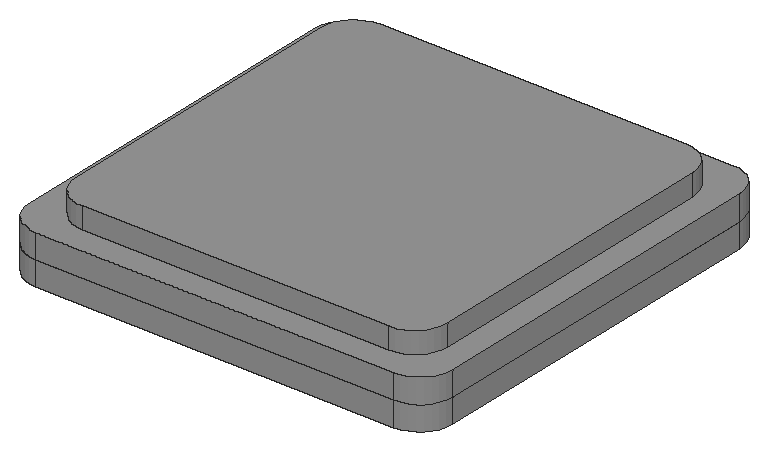
Revit family "FMS2_63_UN_Surface-mounted_ETK", category Lighting Fixtures, Revit 2019 (continued)
Definition of nested family "FMS.2 - Lightsource"
  Types (14, lengths in mm): name | Wattage Comments | Wattage | built-in parameter 1150134 | Photometric Web File | built-in parameter 1150142 | built-in parameter 1150105 | Lumens | built-in parameter 1150107 | built-in parameter 1150106 | Apparent Load
      67.599\r\n64.4551\t61.3241\t58.206\t53.8559\t47.3886\t40.9212\t34.4668\t27.9994\t21.5449\t15.0776\r\n8.6193\t2.1596\t0\t0\t0\t0\t0\t0\t0\t0\r\n0\r\n473.6291\t473.2442\t472.8592\t472.4742\t472.0893\t471.7043\t471.3194\t470.9344\t470.5494\t470.1645\r\n469.6512\t469.1379\t468.6246\t468.1114\t467.5981\t466.9565\t466.4432\t465.8016\t465.2883\t464.6467\r\n464.0051\t463.3635\t462.7219\t462.0803\t461.4387\t460.1555\t458.6157\t457.0758\t455.4077\t453.7395\r\n452.1997\t450.5315\t448.8634\t447.1952\t445.527\t443.8589\t442.1907\t440.3942\t438.7261\t436.9296\r\n435.1331\t433.3366\t431.5402\t429.872\t428.0755\t426.279\t424.4826\t422.6861\t420.7613\t418.1949\r\n415.6285\t412.9338\t410.3674\t407.801\t405.2346\t402.6682\t399.9734\t397.407\t394.8406\t392.2742\r\n389.7078\t387.1414\t384.4467\t381.8803\t379.3139\t376.7475\t374.0528\t371.4864\t368.92\t366.3536\r\n363.6589\t360.7075\t357.4995\t354.4198\t351.2118\t348.0038\t344.7958\t341.5878\t338.3798\t335.3002\r\n332.0922\t329.0125\t325.8045\t322.7248\t319.5168\t316.4371\t313.3574\t310.1494\t307.0698\t303.8618\r\n300.6538\t297.5741\t294.2378\t290.7731\t287.4368\t283.9722\t280.6358\t277.1712\t273.8349\t270.3702\r\n266.9056\t263.5693\t260.1046\t256.7683\t253.3037\t249.9674\t246.631\t243.2947\t239.9584\t236.6221\r\n233.2858\t229.9494\t226.3565\t222.7635\t219.2989\t215.7059\t212.113\t208.6483\t205.0554\t201.5907\r\n197.9978\t194.5331\t191.0685\t187.4755\t184.0109\t180.5462\t176.9533\t173.4886\t170.024\t166.5594\r\n163.0947\t159.6301\t156.1654\t152.7008\t149.2362\t145.7715\t142.3069\t138.8422\t135.3776\t131.913\r\n128.4483\t125.0735\t121.6602\t118.2469\t114.8336\t111.4331\t108.0326\t104.6963\t101.5396\t98.3958\r\n95.2648\t92.1338\t89.0156\t85.8846\t82.7792\t79.6611\t76.5557\t73.4504\t70.3579\t67.2653\r\n64.1728\t61.0932\t58.0135\t54.9338\t50.3784\t43.9239\t37.4566\t31.0021\t24.5476\t18.0931\r\n11.6309\t5.1751\t0\t0\t0\t0\t0\t0\t0\t0\r\n0\r\n473.6291\t473.3725\t472.9875\t472.6026\t472.2176\t471.8326\t471.4477\t470.9344\t470.5494\t470.1645\r\n469.6512\t469.1379\t468.4963\t467.983\t467.3414\t466.8282\t466.1866\t465.545\t464.9034\t464.2618\r\n463.6202\t462.9786\t462.337\t461.567\t460.7971\t460.0272\t459.129\t457.4608\t455.7926\t454.1245\r\n452.4563\t450.9165\t449.12\t447.3235\t445.6554\t443.8589\t442.0624\t440.2659\t438.4694\t436.673\r\n434.8765\t433.08\t431.1552\t429.1021\t427.1773\t425.2525\t423.3277\t421.4029\t419.3498\t417.425\r\n415.3718\t413.3187\t410.7523\t408.0576\t405.4912\t402.7965\t400.1018\t397.407\t394.7123\t392.0176\r\n389.3229\t386.6282\t383.9334\t381.2387\t378.6723\t375.9776\t373.1546\t370.4598\t367.7651\t365.0704\r\n362.3757\t359.681\t356.9862\t354.1632\t351.4685\t348.2605\t345.0525\t341.8445\t338.6365\t335.4285\r\n332.2205\t328.8842\t325.6762\t322.4682\t319.2602\t315.9238\t312.7158\t309.5078\t306.1715\t302.9635\r\n299.7555\t296.5475\t293.3395\t290.2598\t287.1802\t283.9722\t280.5075\t277.0429\t273.5782\t270.1136\r\n266.5206\t263.056\t259.5914\t256.255\t252.7904\t249.4541\t245.9894\t242.5248\t239.1885\t235.8522\r\n232.3875\t229.0512\t225.7149\t222.3786\t219.1706\t215.7059\t212.113\t208.52\t204.927\t201.3341\r\n197.7411\t194.1482\t190.5552\t187.0906\t183.4976\t180.033\t176.5683\t172.9754\t169.5107\t166.0461\r\n162.5814\t159.1168\t155.6522\t152.1875\t148.7229\t145.2582\t141.7936\t138.329\t134.8643\t131.3997\r\n127.9607\t124.5474\t121.1341\t117.7336\t114.3331\t110.9583\t107.5835\t104.2215\t100.8595\t97.5489\r\n94.4435\t91.3382\t88.2585\t85.1788\t82.0991\t79.0323\t75.9783\t72.9243\t69.8702\t66.8291\r\n63.7879\t60.7595\t57.7312\t54.7156\t51.7001\t47.3501\t40.8956\t34.4283\t27.9738\t21.5064\r\n15.0519\t8.5974\t2.1404\t0\t0\t0\t0\t0\t0\t0\r\n0\r\n473.6291\t473.3725\t472.9875\t472.6026\t472.2176\t471.8326\t471.4477\t471.0627\t470.6778\t470.1645\r\n469.5229\t469.0096\t468.4963\t467.8547\t467.3414\t466.6998\t466.0582\t465.4166\t464.6467\t464.0051\r\n463.2352\t462.4653\t461.6954\t460.9254\t460.0272\t459.129\t458.2307\t457.3325\t456.4342\t454.7661\r\n452.9696\t451.1731\t449.3766\t447.5802\t445.7837\t443.9872\t442.1907\t440.3942\t438.4694\t436.4163\r\n434.4915\t432.4384\t430.5136\t428.4605\t426.5357\t424.4826\t422.4294\t420.5046\t418.4515\t416.3984\r\n414.217\t412.1638\t409.9824\t407.801\t405.6195\t403.0531\t400.3584\t397.6637\t394.8406\t392.1459\r\n389.4512\t386.7565\t383.8051\t380.9821\t378.159\t375.336\t372.513\t369.6899\t366.9952\t364.1722\r\n361.4774\t358.6544\t355.8314\t353.0083\t350.1853\t347.3622\t344.5392\t341.7162\t338.8931\t335.8134\r\n332.4771\t329.1408\t325.8045\t322.4682\t319.1318\t315.7955\t312.4592\t309.1229\t305.7866\t302.5786\r\n299.2422\t295.9059\t292.6979\t289.3616\t286.1536\t282.8173\t279.6093\t276.273\t273.065\t269.7286\r\n266.3923\t262.9277\t259.3347\t255.8701\t252.4054\t248.9408\t245.4762\t242.0115\t238.6752\t235.2106\r\n231.7459\t228.2813\t224.8166\t221.352\t218.0157\t214.551\t211.2147\t207.8784\t204.5421\t201.0774\r\n197.4845\t194.0198\t190.2986\t186.7056\t183.1126\t179.648\t176.055\t172.4621\t168.8691\t165.4045\r\n161.8115\t158.3469\t154.8822\t151.4176\t147.953\t144.4883\t141.152\t137.6874\t134.2227\t130.7581\r\n127.3319\t123.9315\t120.531\t117.1433\t113.7428\t110.3552\t106.9932\t103.6184\t100.2692\t96.9201\r\n93.5838\t90.2603\t87.1678\t84.1394\t81.1111\t78.0956\t75.0929\t72.0902\t69.1132\t66.149\r\n63.1976\t60.2462\t57.3077\t54.3692\t51.4435\t48.5306\t44.8478\t38.3677\t31.8747\t25.3945\r\n18.9144\t12.4393\t5.9605\t0\t0\t0\t0\t0\t0\t0\r\n0\r\n473.6291\t473.3725\t472.9875\t472.6026\t472.3459\t471.961\t471.576\t471.0627\t470.6778\t470.1645\r\n469.5229\t469.0096\t468.368\t467.8547\t467.2131\t466.5715\t465.9299\t465.16\t464.5184\t463.7485\r\n462.8502\t462.0803\t461.1821\t460.1555\t459.2573\t458.359\t457.4608\t456.4342\t455.4077\t454.2528\r\n453.0979\t451.8147\t450.0182\t448.2218\t446.4253\t444.5005\t442.4474\t440.3942\t438.4694\t436.4163\r\n434.4915\t432.4384\t430.3853\t428.3322\t426.279\t424.2259\t422.0445\t419.863\t417.6816\t415.3718\r\n413.1904\t411.009\t408.6992\t406.5178\t404.208\t402.0266\t399.8451\t397.407\t394.969\t392.6592\r\n389.7078\t386.8848\t383.9334\t381.1104\t378.2874\t375.336\t372.513\t369.5616\t366.6102\t363.6589\r\n360.7075\t357.7562\t354.8048\t351.9818\t349.0304\t346.2074\t343.256\t340.1763\t337.225\t334.2736\r\n331.4506\t328.4992\t325.5478\t322.5965\t319.6451\t316.1805\t312.7158\t309.3795\t305.9149\t302.4502\r\n299.1139\t295.6493\t292.1846\t288.8483\t285.3837\t282.0474\t278.8394\t275.503\t272.0384\t268.7021\r\n265.3658\t262.0294\t258.8214\t255.4851\t252.1488\t248.8125\t245.2195\t241.6266\t238.1619\t234.6973\r\n231.1043\t227.6397\t224.0467\t220.5821\t217.1174\t213.6528\t210.1882\t206.8518\t203.3872\t200.0509\r\n196.5862\t193.2499\t189.9136\t186.5773\t182.9843\t179.3914\t175.7984\t172.0771\t168.4842\t164.8912\r\n161.2982\t157.8336\t154.2406\t150.776\t147.183\t143.7184\t140.2538\t136.7891\t133.3245\t129.9882\r\n126.5364\t123.1102\t119.7097\t116.3221\t112.9473\t109.5724\t106.2233\t102.8741\t99.5378\t96.2143\r\n92.9165\t89.6187\t86.3465\t83.1\t79.9562\t77.0177\t74.092\t71.1791\t68.2791\t65.379\r\n62.4918\t59.6175\t56.7559\t53.8944\t51.0457\t48.2098\t45.3868\t42.5637\t36.2889\t29.7574\r\n23.2388\t16.7201\t10.1937\t3.67\t0\t0\t0\t0\t0\t0\r\n0\r\n473.6291\t473.3725\t472.9875\t472.7309\t472.3459\t471.961\t471.576\t471.191\t470.6778\t470.1645\r\n469.6512\t469.0096\t468.4963\t467.8547\t467.2131\t466.5715\t465.8016\t465.0317\t464.2618\t463.4918\r\n462.5936\t461.567\t460.6688\t459.6422\t458.744\t457.7174\t456.6909\t455.536\t454.3811\t453.0979\r\n451.943\t450.7882\t449.6333\t448.2218\t446.8102\t444.8854\t442.9606\t440.9075\t438.9827\t437.0579\r\n434.8765\t432.8234\t430.6419\t428.4605\t426.279\t424.0976\t421.9162\t419.6064\t417.2966\t414.9869\r\n412.6771\t410.3674\t408.0576\t405.7478\t403.3098\t400.8717\t398.4336\t395.9955\t393.4291\t390.991\r\n388.553\t386.1149\t383.6768\t381.1104\t378.4157\t375.721\t372.7696\t369.6899\t366.7386\t363.7872\r\n360.8358\t357.7562\t354.5482\t351.4685\t348.5171\t345.4374\t342.3578\t339.2781\t336.1984\t333.1187\r\n330.039\t326.9594\t323.8797\t320.8\t317.7203\t314.6406\t311.561\t308.6096\t305.5299\t302.4502\r\n299.3706\t296.0342\t292.4413\t289.105\t285.6403\t282.1757\t278.711\t275.1181\t271.6534\t268.1888\r\n264.7242\t261.2595\t257.7949\t254.4586\t250.9939\t247.5293\t244.193\t240.8566\t237.392\t234.0557\r\n230.7194\t227.383\t223.9184\t220.3254\t216.7325\t213.1395\t209.5466\t206.0819\t202.6173\t199.1526\r\n195.5597\t192.2234\t188.7587\t185.2941\t181.8294\t178.3648\t174.9002\t171.5638\t168.2275\t164.7629\r\n161.1699\t157.577\t153.984\t150.391\t146.7981\t143.3334\t139.7405\t136.2758\t132.6829\t129.2182\r\n125.8049\t122.3916\t119.004\t115.6163\t112.2287\t108.8539\t105.5047\t102.1684\t98.8706\t95.5856\r\n92.3262\t89.0797\t85.8461\t82.6381\t79.4301\t76.2606\t73.0911\t70.1269\t67.291\t64.468\r\n61.6578\t58.8604\t56.0758\t53.3041\t50.5581\t47.812\t45.066\t42.3456\t39.6252\t34.7619\r\n28.1534\t21.5321\t14.9236\t8.301\t1.6836\t0\t0\t0\t0\t0\r\n0\r\n473.6291\t473.3725\t473.1158\t472.7309\t472.4742\t472.0893\t471.7043\t471.3194\t470.8061\t470.1645\r\n469.6512\t469.1379\t468.4963\t467.8547\t467.2131\t466.4432\t465.8016\t464.9034\t464.1334\t463.2352\r\n462.2086\t461.3104\t460.2838\t459.3856\t458.2307\t457.2042\t456.0493\t454.7661\t453.4829\t452.328\r\n451.1731\t449.7616\t448.2218\t446.8102\t445.3987\t443.9872\t442.5757\t441.1642\t439.496\t437.8278\r\n435.6464\t433.465\t431.2835\t429.1021\t426.9206\t424.4826\t422.1728\t419.7347\t417.425\t415.1152\r\n412.6771\t410.3674\t407.801\t405.3629\t402.7965\t400.3584\t397.792\t395.2256\t392.7875\t390.0928\r\n387.3981\t384.7034\t382.137\t379.4422\t376.8758\t374.3094\t371.6147\t368.7917\t365.9686\t363.2739\r\n360.5792\t357.8845\t355.0614\t351.9818\t348.7738\t345.5658\t342.2294\t339.0214\t335.8134\t332.7338\r\n329.5258\t326.3178\t323.1098\t319.9018\t316.5654\t313.3574\t310.1494\t307.0698\t303.8618\t300.6538\r\n297.4458\t294.2378\t291.1581\t287.9501\t284.7421\t281.5341\t278.4544\t275.2464\t272.1667\t268.5738\r\n264.9808\t261.5162\t257.9232\t254.4586\t250.8656\t247.2726\t243.6797\t240.215\t236.6221\t233.1574\r\n229.6928\t226.2282\t222.8918\t219.4272\t215.9626\t212.4979\t209.0333\t205.697\t202.3606\t198.7677\r\n195.0464\t191.4534\t187.8605\t184.3958\t180.8029\t177.3382\t173.8736\t170.2806\t166.816\t163.3514\r\n160.015\t156.5504\t153.2141\t149.8778\t146.5414\t142.9485\t139.3555\t135.8909\t132.2979\t128.705\r\n125.2403\t121.7628\t118.2982\t114.8464\t111.4203\t108.0198\t104.645\t101.3215\t98.0493\t94.8028\r\n91.582\t88.3868\t85.1788\t82.0093\t78.8526\t75.7345\t72.642\t69.5623\t66.5083\t63.4671\r\n60.6184\t57.8723\t55.1648\t52.47\t49.7882\t47.1319\t44.5014\t41.8708\t39.2531\t36.6482\r\n33.7353\t26.9729\t20.2232\t13.4608\t6.6996\t0\t0\t0\t0\t0\r\n0\r\n473.6291\t473.3725\t473.1158\t472.8592\t472.4742\t472.2176\t471.8326\t471.4477\t470.8061\t470.2928\r\n469.7795\t469.2662\t468.6246\t467.983\t467.3414\t466.5715\t465.8016\t464.9034\t464.0051\t463.1069\r\n462.0803\t461.0538\t460.1555\t459.0006\t457.9741\t456.6909\t455.4077\t454.1245\t452.9696\t451.6864\r\n450.1466\t448.735\t447.1952\t445.7837\t444.3722\t442.8323\t441.2925\t439.6243\t437.8278\t436.1597\r\n434.4915\t432.8234\t431.0269\t429.1021\t427.1773\t425.2525\t423.071\t420.633\t418.3232\t415.8851\r\n413.3187\t410.8806\t408.3142\t405.7478\t403.1814\t400.615\t397.9203\t395.0973\t392.4026\t389.7078\r\n387.1414\t384.3184\t381.6237\t378.929\t376.1059\t373.2829\t370.4598\t367.7651\t364.8138\t361.9907\r\n359.0394\t356.088\t353.1366\t350.1853\t347.3622\t344.4109\t341.4595\t338.5082\t335.4285\t332.4771\r\n329.5258\t326.5744\t323.3664\t319.9018\t316.6938\t313.3574\t310.0211\t306.6848\t303.3485\t299.8838\r\n296.5475\t293.2112\t289.8749\t286.6669\t283.2022\t279.8659\t276.6579\t273.3216\t270.1136\t266.649\r\n263.3126\t260.1046\t256.8966\t253.6886\t250.3523\t247.2726\t243.9363\t240.6\t237.1354\t233.5424\r\n229.8211\t226.2282\t222.6352\t218.9139\t215.321\t211.8563\t208.2634\t204.6704\t201.0774\t197.6128\r\n194.0198\t190.5552\t187.0906\t183.7542\t180.2896\t176.6966\t173.232\t169.639\t166.0461\t162.4531\r\n158.9885\t155.5238\t152.0592\t148.5946\t145.1299\t141.6653\t138.329\t134.8643\t131.528\t128.1788\r\n124.7912\t121.4036\t117.7978\t114.3331\t110.9198\t107.5193\t104.1317\t100.7569\t97.4077\t94.0842\r\n90.7992\t87.5399\t84.3191\t81.1496\t78.0442\t74.9517\t71.8849\t68.8565\t65.841\t62.864\r\n59.9254\t57.0254\t54.1639\t51.4435\t48.8643\t46.3107\t43.77\t41.242\t38.7398\t36.2504\r\n33.7738\t31.2972\t26.4596\t19.4405\t12.4111\t5.3817\t0\t0\t0\t0\r\n0\r\n473.6291\t473.3725\t473.1158\t472.8592\t472.6026\t472.3459\t471.961\t471.4477\t470.9344\t470.4211\r\n469.9078\t469.3946\t468.753\t468.1114\t467.4698\t466.6998\t465.8016\t465.0317\t464.0051\t463.1069\r\n462.0803\t461.0538\t460.0272\t459.0006\t457.7174\t456.4342\t455.151\t453.8678\t452.5846\t451.0448\r\n449.6333\t448.0934\t446.6819\t445.1421\t443.6022\t441.9341\t440.1376\t438.4694\t436.8013\t435.0048\r\n433.2083\t431.2835\t429.3587\t427.4339\t425.3808\t423.456\t421.4029\t419.4781\t417.2966\t415.2435\r\n413.0621\t410.8806\t408.6992\t406.3894\t404.0797\t401.385\t398.6902\t395.9955\t393.3008\t390.4778\r\n387.6547\t384.8317\t382.137\t379.3139\t376.4909\t373.5395\t370.5882\t367.6368\t364.5571\t361.6058\r\n358.6544\t355.703\t352.6234\t349.5437\t346.464\t343.256\t340.1763\t337.225\t334.017\t330.9373\r\n327.8576\t324.7779\t321.6982\t318.4902\t315.4106\t312.0742\t308.8662\t305.6582\t302.5786\t299.4989\r\n296.2909\t292.9546\t289.8749\t286.6669\t283.3306\t279.7376\t276.273\t272.9366\t269.472\t266.0074\r\n262.5427\t259.0781\t255.6134\t252.1488\t248.8125\t245.3478\t241.8832\t238.4186\t234.9539\t231.6176\r\n228.2813\t224.945\t221.4803\t218.144\t214.8077\t211.4714\t208.135\t204.7987\t201.4624\t198.1261\r\n194.4048\t190.6835\t186.9622\t183.3693\t179.648\t176.1834\t172.5904\t168.9974\t165.4045\t161.9398\r\n158.2186\t154.6256\t151.161\t147.6963\t144.36\t140.8954\t137.559\t133.9661\t130.3731\t126.9341\r\n123.4695\t119.992\t116.5402\t113.1269\t109.8548\t106.6211\t103.4516\t100.2821\t97.1511\t93.7506\r\n90.3629\t86.9881\t83.6903\t80.4438\t77.2358\t74.092\t70.9995\t67.9711\t65.0069\t62.094\r\n59.2197\t56.3838\t53.5864\t50.8147\t48.0815\t45.3868\t42.7691\t40.331\t37.9314\t35.5575\r\n33.2092\t30.8866\t28.564\t26.2671\t19.2993\t11.8029\t4.2987\t0\t0\t0\r\n0\r\n473.6291\t473.5008\t473.2442\t472.9875\t472.7309\t472.4742\t472.0893\t471.7043\t471.191\t470.6778\r\n470.1645\t469.5229\t469.0096\t468.368\t467.5981\t466.8282\t466.0582\t465.16\t464.1334\t463.2352\r\n462.2086\t461.1821\t460.1555\t459.0006\t457.7174\t456.3059\t455.0227\t453.8678\t452.328\t450.9165\r\n449.3766\t447.8368\t446.297\t444.7571\t443.089\t441.4208\t439.6243\t437.8278\t436.0314\t434.2349\r\n432.3101\t430.257\t428.3322\t426.279\t424.2259\t422.1728\t420.1197\t417.9382\t415.7568\t413.447\r\n411.2656\t408.9558\t406.6461\t404.208\t401.7699\t399.3318\t397.0221\t394.4557\t391.8893\t389.4512\r\n386.8848\t384.4467\t381.8803\t379.1856\t376.4909\t373.7962\t370.9731\t368.2784\t365.712\t362.889\r\n359.681\t356.6013\t353.3933\t350.1853\t346.9773\t343.8976\t340.6896\t337.4816\t334.2736\t331.1939\r\n327.9859\t324.7779\t321.4416\t318.1053\t314.769\t311.561\t308.353\t305.0166\t301.6803\t298.344\r\n295.0077\t291.6714\t288.335\t284.9987\t281.6624\t278.3261\t274.9898\t271.6534\t268.3171\t264.9808\r\n261.7728\t258.3082\t254.8435\t251.3789\t248.0426\t244.7062\t241.4982\t238.1619\t234.6973\t231.1043\r\n227.6397\t224.3034\t220.7104\t217.1174\t213.5245\t209.9315\t206.3386\t202.8739\t199.5376\t195.9446\r\n192.48\t189.0154\t185.5507\t182.0861\t178.4931\t175.0285\t171.5638\t168.2275\t164.8912\t161.5549\r\n158.2186\t154.8822\t151.4176\t147.6963\t143.8467\t140.1254\t136.6608\t133.1962\t129.7315\t126.1771\r\n122.6483\t119.1195\t115.6676\t112.2928\t108.9565\t105.633\t102.2967\t98.8834\t95.4957\t92.1466\r\n88.8359\t85.6151\t82.4713\t79.3659\t76.2862\t73.2579\t70.191\t67.1242\t64.1087\t61.1573\r\n58.2701\t55.4599\t52.6882\t49.9806\t47.3116\t44.681\t42.1146\t39.5867\t37.1101\t34.6977\r\n32.4136\t30.1809\t27.9994\t25.8308\t23.7007\t20.1847\t11.8106\t3.4133\t0\t0\r\n0\r\n473.6291\t473.5008\t473.2442\t473.1158\t472.8592\t472.6026\t472.3459\t471.8326\t471.3194\t470.8061\r\n470.4211\t469.7795\t469.2662\t468.6246\t467.8547\t467.0848\t466.3149\t465.4166\t464.3901\t463.4918\r\n462.4653\t461.4387\t460.4122\t459.2573\t457.8458\t456.5626\t455.2794\t453.8678\t452.4563\t450.9165\r\n449.505\t447.9651\t446.4253\t444.7571\t442.9606\t441.2925\t439.496\t437.6995\t435.903\t433.9782\r\n431.9251\t429.872\t427.9472\t425.8941\t423.7126\t421.5312\t419.4781\t417.2966\t414.8586\t412.5488\r\n410.239\t407.9293\t405.4912\t403.0531\t400.615\t398.177\t395.4822\t392.9158\t390.3494\t387.9114\r\n385.2166\t382.6502\t379.8272\t377.0042\t374.3094\t371.4864\t368.7917\t365.9686\t363.1456\t360.3226\r\n357.3712\t354.2915\t351.3402\t348.3888\t345.4374\t342.4861\t339.5347\t336.5834\t333.632\t330.5523\r\n327.3443\t324.2646\t321.185\t318.1053\t315.0256\t311.8176\t308.7379\t305.5299\t302.3219\t299.2422\r\n296.0342\t292.6979\t289.105\t285.7686\t282.304\t278.9677\t275.503\t272.0384\t268.7021\t265.1091\r\n261.6445\t258.1798\t254.7152\t251.2506\t247.7859\t244.193\t240.6\t237.1354\t233.6707\t230.2061\r\n226.6131\t223.0202\t219.5555\t215.9626\t212.6262\t209.1616\t205.5686\t202.104\t198.6394\t195.0464\r\n191.5818\t188.1171\t184.5242\t181.0595\t177.5949\t174.1302\t170.6656\t167.201\t163.7363\t160.2717\r\n156.6787\t153.0858\t149.4928\t145.8998\t142.3069\t138.8422\t135.3776\t131.913\t128.4483\t125.0607\r\n121.6602\t118.2725\t114.8977\t111.5486\t108.3277\t105.1197\t101.9374\t98.6011\t95.1108\t91.6461\r\n88.22\t84.8708\t81.573\t78.3779\t75.2468\t72.18\t69.2286\t66.2644\t63.2361\t60.2847\r\n57.3975\t54.5873\t51.8798\t49.2236\t46.5417\t43.8469\t41.2292\t38.6885\t36.2247\t33.838\r\n31.5539\t29.3468\t27.191\t25.1122\t23.1618\t21.2498\t19.3892\t13.1913\t2.7255\t0\r\n0\r\n473.6291\t473.5008\t473.3725\t473.1158\t472.9875\t472.7309\t472.4742\t471.961\t471.576\t471.0627\r\n470.6778\t470.1645\t469.6512\t468.8813\t468.2397\t467.4698\t466.6998\t465.8016\t464.9034\t463.8768\r\n462.8502\t461.952\t460.9254\t459.6422\t458.2307\t456.9475\t455.7926\t454.2528\t452.8413\t451.4298\r\n449.8899\t448.3501\t446.8102\t445.1421
      \t443.3456\t441.6774\t439.881\t438.0845\t436.1597\t434.2349\r\n432.1818\t430.257\t428.2038\t426.0224\t423.841\t421.6595\t419.6064\t417.2966\t414.8586\t412.5488\r\n410.239\t407.801\t405.3629\t402.9248\t400.4867\t397.792\t395.0973\t392.5309\t390.0928\t387.3981\r\n384.8317\t382.0086\t379.0573\t376.3626\t373.5395\t370.7165\t367.8934\t365.0704\t362.119\t359.1677\r\n356.2163\t353.1366\t350.057\t347.1056\t344.0259\t341.0746\t338.1232\t335.0435\t331.9638\t328.7558\r\n325.5478\t322.3398\t319.2602\t316.0522\t312.8442\t309.6362\t306.4282\t303.0918\t299.8838\t296.5475\r\n293.2112\t290.0032\t286.6669\t283.4589\t280.1226\t276.7862\t273.5782\t270.2419\t266.7773\t263.441\r\n260.1046\t256.7683\t253.3037\t249.9674\t246.5027\t243.1664\t239.7018\t236.2371\t232.7725\t229.3078\r\n225.9715\t222.5069\t219.0422\t215.7059\t212.2413\t208.7766\t205.312\t201.719\t198.3827\t194.9181\r\n191.3251\t187.8605\t184.5242\t181.1878\t177.7232\t174.2586\t170.6656\t167.0726\t163.608\t160.1434\r\n156.5504\t153.0858\t149.3645\t145.6432\t142.0502\t138.329\t134.8643\t131.3997\t127.8324\t124.2266\r\n120.7748\t117.3486\t113.8583\t110.3552\t106.9291\t103.5286\t100.1794\t96.8688\t93.5453\t90.2603\r\n87.001\t83.7801\t80.6106\t77.5181\t74.3229\t71.2176\t68.1379\t65.1224\t62.1454\t59.2967\r\n56.5121\t53.7789\t51.1099\t48.4665\t45.6819\t42.9744\t40.3566\t37.8159\t35.3778\t33.0296\r\n30.784\t28.6667\t26.5494\t24.368\t22.3277\t20.5055\t18.8374\t17.49\t16.3865\t2.3149\r\n0" | 89.127 (stored number, unit not read) | 1120 lm | 3000 (stored number, unit not read) | 0.89127 (stored number, unit not read) | 18 VA
